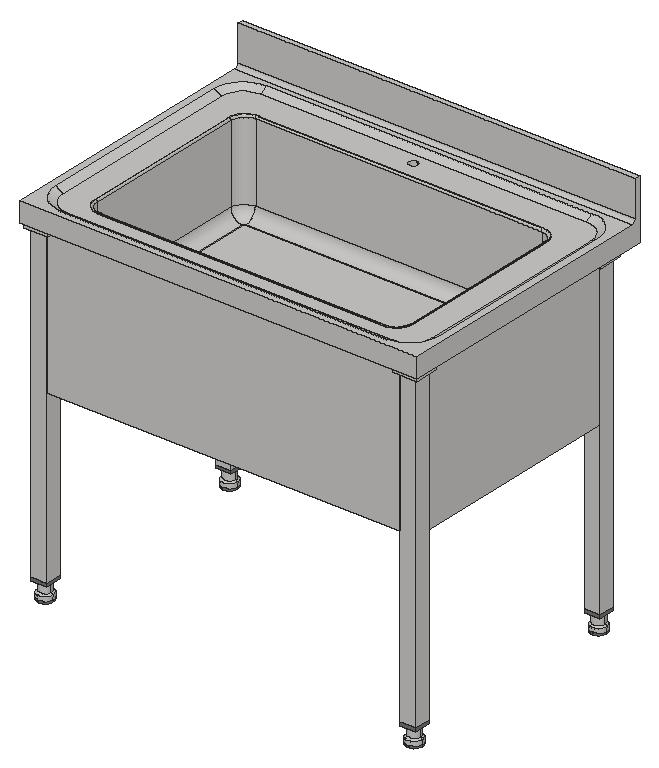
Revit family "QF_ZANUSSI_132908_SLP10N", category Attrezzature speciali, Revit 2020
Family settings
  Quota connettore circolare = Usa diametro
  Tipo di parte = Normale
  Basato su piano di lavoro = No
  Sempre verticale = Sì
  Taglio con vuoti quando caricato = No
  Condiviso = No
  Punto di calcolo locali = No
Parameters (values of type "Standard")
  Weight = 50.00 kg
  Watts = 0 W
  Volts = 0 V
  URL Manufacturer = "http://www.zanussiprofessional.com"
  URL = "http://www.zanussiprofessional.com"
  Steam Supply Size = 0 mm
  Steam Supply Minimum Pressure = 0.0 Pa
  Steam Supply Maximum Pressure = 0.0 Pa
  Steam Consumption per Hour = 0
  Refrigeration Suction Line Size = 0.0 mm
  Refrigeration Liquid Line Size = 0.0 mm
  Refrigerant Compressor Remote = yes
  Prospetto di default = 0.0 mm
  Phase = 0
  Modello = "SLP10N"
  Produttore = "Zanussi"
  Length Actual = 1000.0 mm  # constant formula
  Item Number = "132908"
  Hot Water Size = 0 mm
  Height Actual = 900.0 mm  # constant formula
  HP = "0 HP"
  Gas Size = 0 mm
  Gas KW = 0
  Gas Input Pressure = 0 W
  Direct Waste Size = 139.7 mm
  Descrizione = "SOAKING SINK UNIT WITH 1 BOWL (800X510X340MM), 1000MM"
  Depth Actual = 700.0 mm  # constant formula
  Cycle = 0 Hz
  Condensate Return Size = 0 mm
  Compressed Air Volume = 0.0 L/s
  Compressed Air Size = 0 mm
  Compressed Air Pressure = 0.0 Pa
  Cold Water Size = 0 mm
  Accessory = yes
Reference planes
  plane 1 "Center (Front/Back)": y = 0
  plane 2: z = 0
  plane 3 "Center (Left/Right)": x = 300
  plane 4 "LEFT": x = -200
  plane 5 "RIGHT": x = 800
  plane 6 "BACK": y = 350
  plane 7 "FRONT": y = -350
  plane 8 "Base": z = 850
  plane 9 "TOP": z = 900
  plane 10 "Sink_Base": z = 658
  plane 11 "ScaricoX": x = 620
  plane 12: z = 441
  plane 13: y = 245
  plane 14 "PlaneGrid": z = 890
  plane 15 "ScaricoY": y = 141
Forms (mm)
  Extrusion 1, solid, material "QF_Finishes_Stainless Steel"
    sketch origin (300, 0, 0) x (0, 1, 0) y (0, 0, 1)
      loop
        line (-350, 850) -> (350, 850) -> (350, 1000) -> (337, 1000) -> (337, 910)
        arc (337, 910) -> (334.071, 902.929) -> (327, 900) r 10
        line (327, 900) -> (-350, 900) -> (-350, 850)
    from 500 to -500
  Extrusion 2, void
    sketch origin (0, 9, 658) x (0, -1, 0) y (1, 0, 0)
      loop
        circle (-132, 620) r 28
    from 32.343 to -63.145
  Revolve 3, solid, material "QF_Finishes_White"
    sketch origin (620, 9, 0) x (0, -1, 0) y (0, 0, 1)
      loop
        line (-148.5, 642.617) -> (-148.5, 628.5) -> (-147, 628.5) -> (-147, 643.449) -> (-158.558, 650.671) -> (-158.558, 658) -> (-160.058, 658) -> (-160.058, 649.84) -> (-148.5, 642.617)
      axis (-132, 658) -> (-132, 628.5)
    angle from 0 to 360
  Extrusion 4, void
    sketch origin (-6.5, 18.8, 658) x (0, -1, 0) y (1, 0, 0)
      loop
        circle (-245, 306.5) r 11.5
    from 242 to 170.245
  Extrusion 5, void
    sketch origin (-5, 0, 900) x (0, 1, 0) y (-1, 0, 0)
      loop
        arc (180.949, -705) -> (209.233, -693.284) -> (220.949, -665) r 40
        line (220.949, -665) -> (220.949, 55)
        arc (220.949, 55) -> (209.233, 83.284) -> (180.949, 95) r 40
        line (180.949, 95) -> (-239.051, 95)
        arc (-239.051, 95) -> (-267.335, 83.284) -> (-279.051, 55) r 40
        line (-279.051, 55) -> (-279.051, -665)
        arc (-279.051, -665) -> (-267.335, -693.284) -> (-239.051, -705) r 40
        line (-239.051, -705) -> (180.949, -705)
    from 0 to -50
  Extrusion 6, solid, material "QF_Finishes_Stainless Steel"
    sketch origin (-5, 0, 658) x (0, -1, 0) y (1, 0, 0)
      loop
        line (-185.949, 664.939) -> (-185.949, -54.959)
        arc (-185.949, -54.959) -> (-184.484, -58.494) -> (-180.949, -59.959) r 5
        line (-180.949, -59.959) -> (238.949, -59.959)
        arc (238.949, -59.959) -> (242.484, -58.494) -> (243.949, -54.959) r 5
        line (243.949, -54.959) -> (243.949, 664.939)
        arc (243.949, 664.939) -> (242.484, 668.474) -> (238.949, 669.939) r 5
        line (238.949, 669.939) -> (-180.949, 669.939)
        arc (-180.949, 669.939) -> (-184.484, 668.474) -> (-185.949, 664.939) r 5
    from 0 to 1.5
  Sweep 7, solid, material "QF_Finishes_Stainless Steel"
    path origin (-4.99, 0, 900) x (0, 1, 0) y (-1, 0, 0)
      loop
        line (220.949, -664.99) -> (220.949, 55.01)
        arc (220.949, 55.01) -> (209.233, 83.294) -> (180.949, 95.01) r 40
        line (180.949, 95.01) -> (-239.051, 95.01)
        arc (-239.051, 95.01) -> (-267.335, 83.294) -> (-279.051, 55.01) r 40
        line (-279.051, 55.01) -> (-279.051, -664.99)
        arc (-279.051, -664.99) -> (-267.335, -693.274) -> (-239.051, -704.99) r 40
        line (-239.051, -704.99) -> (180.949, -704.99)
        arc (180.949, -704.99) -> (209.233, -693.274) -> (220.949, -664.99) r 40
    profile origin (300, 220.949, 900) x (0, -1, 0) y (0, 0, 1)
      loop
        arc (5, -15) -> (3.536, -11.464) -> (0, -10) r 5
        line (0, -10) -> (0, -11.5)
        arc (0, -11.5) -> (2.475, -12.525) -> (3.5, -15) r 3.5
        line (3.5, -15) -> (3.5, -210.5)
        arc (3.5, -210.5) -> (12.726, -232.774) -> (35, -242) r 31.5
        line (35, -242) -> (35, -240.5)
        arc (35, -240.5) -> (13.787, -231.713) -> (5, -210.5) r 30
        line (5, -210.5) -> (5, -15)
  Blend 8, void
    base sketch origin (-4.99, 0, 900) x (0, 1, 0) y (-1, 0, 0)
      loop
        arc (312.89, 105.01) -> (291.541, 156.551) -> (240, 177.9) r 72.89
        line (240, 177.9) -> (-260, 177.9)
        arc (-260, 177.9) -> (-311.541, 156.551) -> (-332.89, 105.01) r 72.89
        line (-332.89, 105.01) -> (-332.89, -714.99)
        arc (-332.89, -714.99) -> (-311.541, -766.531) -> (-260, -787.88) r 72.89
        line (-260, -787.88) -> (240, -787.88)
        arc (240, -787.88) -> (291.541, -766.531) -> (312.89, -714.99) r 72.89
        line (312.89, -714.99) -> (312.89, 105.01)
    top sketch origin (-4.99, 0, 900) x (0, 1, 0) y (-1, 0, 0)
      loop
        arc (294.457, 105.01) -> (278.507, 143.517) -> (240, 159.467) r 54.457
        line (240, 159.467) -> (-260, 159.467)
        arc (-260, 159.467) -> (-298.507, 143.517) -> (-314.457, 105.01) r 54.457
        line (-314.457, 105.01) -> (-314.457, -714.99)
        arc (-314.457, -714.99) -> (-298.507, -753.497) -> (-260, -769.447) r 54.457
        line (-260, -769.447) -> (240, -769.447)
        arc (240, -769.447) -> (278.507, -753.497) -> (294.457, -714.99) r 54.457
        line (294.457, -714.99) -> (294.457, 105.01)
    from 0 to -10
Cuts and joins
  Extrusion 4, Extrusion 5, Blend 8 cuts Extrusion 1
  Extrusion 2 cuts Extrusion 6
Lines and regions (mm)
  symbolic lines
    curve 1: line (800, 350, 900) -> (-200, 350, 900)
    curve 2: line (-200, 350, 900) -> (-200, -350, 900)
    curve 3: line (-200, -350, 900) -> (800, -350, 900)
    curve 4: line (800, -350, 900) -> (800, 350, 900)
    curve 5: line (800, 337, 900) -> (-200, 337, 900)
    curve 6: arc (-182.89, 240, 900) -> (-161.541, 291.541, 900) -> (-110, 312.89, 900) r 72.89
    curve 7: line (-110, 312.89, 900) -> (710, 312.89, 900)
    curve 8: line (-182.89, -260, 900) -> (-182.89, 240, 900)
    curve 9: arc (-110, -332.89, 900) -> (-161.541, -311.541, 900) -> (-182.89, -260, 900) r 72.89
    curve 10: line (710, -332.89, 900) -> (-110, -332.89, 900)
    curve 11: line (-110, -314.457, 900) -> (710, -314.457, 900)
    curve 12: arc (-164.457, -260, 900) -> (-148.507, -298.507, 900) -> (-110, -314.457, 900) r 54.457
    curve 13: line (-164.457, 240, 900) -> (-164.457, -260, 900)
    curve 14: arc (-110, 294.457, 900) -> (-148.507, 278.507, 900) -> (-164.457, 240, 900) r 54.457
    curve 15: line (710, 294.457, 900) -> (-110, 294.457, 900)
    curve 16: arc (764.457, 240, 900) -> (748.507, 278.507, 900) -> (710, 294.457, 900) r 54.457
    curve 17: arc (710, 312.89, 900) -> (761.541, 291.541, 900) -> (782.89, 240, 900) r 72.89
    curve 18: line (782.89, 240, 900) -> (782.89, -260, 900)
    curve 19: line (764.457, -260, 900) -> (764.457, 240, 900)
    curve 20: arc (782.89, -260, 900) -> (761.541, -311.541, 900) -> (710, -332.89, 900) r 72.89
    curve 21: arc (710, -314.457, 900) -> (748.507, -298.507, 900) -> (764.457, -260, 900) r 54.457
    curve 22: line (-64.959, 180.949, 900) -> (-64.959, -238.949, 900)
    curve 23: line (659.939, 185.949, 900) -> (-59.959, 185.949, 900)
    curve 24: line (-59.959, -243.949, 900) -> (659.939, -243.949, 900)
    curve 25: line (664.939, -238.949, 900) -> (664.939, 180.949, 900)
    curve 26: arc (-59.959, 185.949, 900) -> (-63.494, 184.484, 900) -> (-64.959, 180.949, 900) r 5
    curve 27: arc (664.939, 180.949, 900) -> (663.474, 184.484, 900) -> (659.939, 185.949, 900) r 5
    curve 28: arc (659.939, -243.949, 900) -> (663.474, -242.484, 900) -> (664.939, -238.949, 900) r 5
    curve 29: arc (-64.959, -238.949, 900) -> (-63.494, -242.484, 900) -> (-59.959, -243.949, 900) r 5
    curve 30: circle (300, 263.8, 900) r 11.5 normal (0, 0, 1)
    curve 31: circle (620, 141, 900) r 28 normal (0, 0, 1)
    curve 32: circle (620, 141, 900) r 16.5 normal (0, 0, -1)
    curve 33: arc (-60, 220.949, 900) -> (-88.284, 209.233, 900) -> (-100, 180.949, 900) r 40
    curve 34: line (660, 220.949, 900) -> (-60, 220.949, 900)
    curve 35: line (-100, 180.949, 900) -> (-100, -239.051, 900)
    curve 36: arc (-100, -239.051, 900) -> (-88.284, -267.335, 900) -> (-60, -279.051, 900) r 40
    curve 37: line (-60, -279.051, 900) -> (660, -279.051, 900)
    curve 38: arc (660, -279.051, 900) -> (688.284, -267.335, 900) -> (700, -239.051, 900) r 40
    curve 39: line (700, -239.051, 900) -> (700, 180.949, 900)
    curve 40: arc (700, 180.949, 900) -> (688.284, 209.233, 900) -> (660, 220.949, 900) r 40
Dimensions and locks
  plane 4 "LEFT" to plane 5 "RIGHT" = 1000.0 mm
  equal spacing: plane 4 "LEFT", plane 3 "Center (Left/Right)", plane 5 "RIGHT"
  locked: plane 8 "Base" to level at 850
  locked: Extrusion 1 to level at 1000
  plane 9 "TOP" to level = 900.0 mm
  plane 6 "BACK" to plane 7 "FRONT" = 700.0 mm
  equal spacing: plane 6 "BACK", plane 1 "Center (Front/Back)", plane 7 "FRONT"
  plane 10 "Sink_Base" to level = 658.0 mm
  plane 12 to level = 441.0 mm
  locked: plane 11 "ScaricoX" to plane 5 "RIGHT" at 180
  locked: plane 6 "BACK" to plane 15 "ScaricoY" at 209
  aligned and locked: level to plane 2
  aligned and locked: Extrusion 1 to plane 4 "LEFT"
  aligned and locked: plane 5 "RIGHT" to Extrusion 1
  aligned and locked: curve 2 to plane 4 "LEFT"
Automatic sketch dimensions
  Extrusion 1 sketch curve to plane 7 "FRONT" = 0.0 mm
  Extrusion 1 sketch curve to plane 9 "TOP" = 0.0 mm
  Extrusion 1 sketch curve to plane 6 "BACK" = 0.0 mm
  Extrusion 1 sketch curve to plane 8 "Base" = 0.0 mm
  plane 9 "TOP" to Extrusion 1 sketch curve = 10.0 mm
  Extrusion 1 sketch curve to plane 6 "BACK" = 23.0 mm
  Extrusion 1 sketch curve to Extrusion 1 sketch curve = 90.0 mm
  Extrusion 2 sketch curve to plane 11 "ScaricoX" = 0.0 mm
  Extrusion 2 sketch curve to plane 15 "ScaricoY" = 0.0 mm
  plane 10 "Sink_Base" to Revolve 3 sketch curve = 0.0 mm
  Revolve 3 sketch curve to plane 15 "ScaricoY" = 0.0 mm
  plane 15 "ScaricoY" to Revolve 3 sketch curve = 15.0 mm
  Revolve 3 sketch curve to Revolve 3 sketch curve = 1.5 mm  (x2)
  plane 10 "Sink_Base" to Revolve 3 sketch curve = 7.329 mm
  Revolve 3 sketch curve to Revolve 3 sketch curve = 10.058 mm
  Revolve 3 sketch curve to Revolve 3 sketch curve = 0.831 mm  (x2)
  Revolve 3 sketch curve to Revolve 3 sketch curve = 7.222 mm
  Revolve 3 sketch curve to Revolve 3 sketch curve = 14.117 mm
  Revolve 3 sketch curve to Revolve 3 sketch curve = 24.0 mm
  Revolve 3 sketch curve to plane 10 "Sink_Base" = 26.5 mm
  Extrusion 4 sketch curve to plane 3 "Center (Left/Right)" = 0.0 mm
  plane 13 to Extrusion 4 sketch curve = 18.8 mm
  Sweep 7 sketch curve to Sweep 7 sketch curve = 0.0 mm  (x4)
  Sweep 7 sketch curve to profile plane = 0.0 mm
  Sweep 7 sketch curve to profile plane = 3.5 mm
  Sweep 7 sketch curve to Sweep 7 sketch curve = 1.5 mm
  Sweep 7 sketch curve to Sweep 7 sketch curve = 30.0 mm
  Sweep 7 sketch curve to profile plane = 242.0 mm
  Sweep 7 sketch curve to profile plane = 15.0 mm
  plane 15 "ScaricoY" to Extrusion 6 sketch curve = 44.949 mm
  Extrusion 6 sketch curve to Extrusion 6 sketch curve = 5.0 mm  (x4)
  plane 7 "FRONT" to Extrusion 6 sketch curve = 111.051 mm
  plane 4 "LEFT" to Extrusion 6 sketch curve = 135.041 mm
  Extrusion 6 sketch curve to plane 5 "RIGHT" = 140.061 mm
  Blend 8 sketch curve to plane 13 = 5.0 mm  (x4)
  Blend 8 sketch curve to plane 6 "BACK" = 37.11 mm
  plane 4 "LEFT" to Blend 8 sketch curve = 90.0 mm  (x2)
  plane 7 "FRONT" to Blend 8 sketch curve = 90.0 mm  (x2)
  Blend 8 sketch curve to Blend 8 sketch curve = 72.89 mm  (x2)
  Blend 8 sketch curve to plane 5 "RIGHT" = 90.0 mm  (x2)
  plane 13 to Blend 8 sketch curve = 49.457 mm
  Blend 8 sketch curve to Blend 8 sketch curve = 54.457 mm  (x2)
  curve 6 to curve 14 = 0.0 mm  (x2)
  curve 9 to curve 12 = 0.0 mm  (x2)
  curve 16 to curve 17 = 0.0 mm  (x2)
  curve 20 to curve 21 = 0.0 mm
  curve 3 to plane 5 "RIGHT" = 0.0 mm
  curve 3 to plane 7 "FRONT" = 0.0 mm
  curve 30 to plane 3 "Center (Left/Right)" = 0.0 mm
  curve 2 to plane 6 "BACK" = 0.0 mm
  plane 7 "FRONT" to curve 10 = 17.11 mm
  curve 10 to curve 11 = 18.433 mm
  plane 4 "LEFT" to curve 13 = 35.543 mm
  curve 12 to curve 13 = 54.457 mm
  curve 18 to plane 5 "RIGHT" = 17.11 mm
  curve 24 to curve 22 = 5.0 mm
  curve 27 to curve 23 = 5.0 mm
  curve 17 to plane 13 = 5.0 mm
  curve 14 to plane 13 = 5.0 mm
  plane 13 to curve 30 = 18.8 mm
  plane 13 to curve 15 = 49.457 mm
  curve 5 to plane 6 "BACK" = 13.0 mm
  plane 7 "FRONT" to Sweep 7 sketch curve = 110.949 mm
  Sweep 7 sketch curve to Sweep 7 sketch curve = 40.0 mm
  plane 15 "ScaricoY" to Sweep 7 sketch curve = 39.949 mm  (x2)
  Sweep 7 sketch curve to plane 13 = 24.051 mm
  Sweep 7 sketch curve to plane 11 "ScaricoX" = 40.0 mm  (x2)
  plane 4 "LEFT" to Sweep 7 sketch curve = 140.0 mm
  plane 7 "FRONT" to Extrusion 5 sketch curve = 70.949 mm
  Extrusion 5 sketch curve to Extrusion 5 sketch curve = 40.0 mm  (x2)
  plane 15 "ScaricoY" to Extrusion 5 sketch curve = 39.949 mm  (x2)
  Extrusion 5 sketch curve to plane 13 = 24.051 mm
  Extrusion 5 sketch curve to plane 11 "ScaricoX" = 40.0 mm
  plane 4 "LEFT" to Extrusion 5 sketch curve = 140.0 mm
  curve 31 to curve 32 = 0.0 mm  (x2)
  curve 32 to plane 11 "ScaricoX" = 0.0 mm
  curve 32 to plane 15 "ScaricoY" = 0.0 mm
  curve 26 to curve 26 = 5.0 mm
  curve 24 to curve 25 = 5.0 mm
  plane 15 "ScaricoY" to curve 27 = 39.949 mm
  curve 25 to plane 11 "ScaricoX" = 44.939 mm
  curve 20 to curve 24 = 16.051 mm
  curve 26 to curve 6 = 50.041 mm
  curve 33 to curve 26 = 0.0 mm
  curve 34 to plane 13 = 24.051 mm
  curve 23 to curve 34 = 0.041 mm
  curve 34 to curve 23 = 0.061 mm
  curve 9 to curve 35 = 20.949 mm
  curve 29 to curve 36 = 0.041 mm
  curve 37 to curve 28 = 0.061 mm
  curve 38 to curve 28 = 0.102 mm
  curve 25 to curve 39 = 0.0 mm
  radius of Extrusion 2 sketch curve = 28.0 mm
  radius of Extrusion 4 sketch curve = 11.5 mm
  radius of curve 30 = 11.5 mm
  radius of curve 31 = 28.0 mm
  radius of curve 32 = 16.5 mm
Nested families
  nested 1: "TAV_W1000_CASSH" at (150, 0, 0), type "TAV_W1000_CASSH"
Connectors
  piping at (620, 141, 628.5), diameter 30
    settings: on Revolve 3, index 1, connector inside diameter 609.6 mm, connector length 0.0 mm, flow factor 0, pipe flow 0.0 L/s, pressure drop 0.0 Pa, fitting loss kfactor 0, connector angle 0.00°, fixture units 0, engagement length 0.0 mm, angle of deflection 0.00°, flow configuration 1, flow direction 2, fitting loss method 0, system type 16, joint type 0, gender type 0, connector reference index -1, connector utility 0, adjustable connector no, is connector primary yes, connector description "Drain 2"
Definition of nested family "TAV_W1000_CASSH"
  Parameters
    Default Elevation = 0.0 mm
    Model = "TAV_W1000_CASSH"
    Manufacturer = "Electrolux Professional"
    Description = ""
  Reference planes
    plane 1 "Center (Front/Back)": y = 0
    plane 2: z = 0
    plane 3 "Center (Left/Right)": x = 150
    plane 4 "LEFT": x = -350
    plane 5 "RIGHT": x = 650
    plane 6 "BACK": y = 350
    plane 7 "FRONT": y = -350
    plane 8 "Base": z = 850
    plane 9 "TOP": z = 900
    plane 10: x = -314.5
    plane 11: x = 614.5
    plane 12: y = 265.5
    plane 13: y = -314.5
    plane 14: x = -294.5
    plane 15: x = 594.5
    plane 16 "RIPIANO": z = 200
  Forms (mm)
    Extrusion 1, solid
      sketch origin (0, 0.5, 850) x (0, 1, 0) y (-1, 0, 0)
        loop
          line (245, 334.5) -> (-295, 334.5) -> (-295, 333) -> (245, 333) -> (245, 334.5)
        loop
          line (-295, -634.5) -> (285, -634.5) -> (285, -633) -> (-295, -633) -> (-295, -634.5)
        loop
          line (-335, 294.5) -> (-335, -594.5) -> (-333.5, -594.5) -> (-333.5, 294.5) -> (-335, 294.5)
      from -10 to -370
    Extrusion 2, solid
      sketch origin (-4.534, 0, 850) x (0, 1, 0) y (-1, 0, 0)
        loop
          line (235.5, 329.966) -> (-284.5, 329.966) -> (-284.5, 289.966) -> (235.5, 289.966) -> (235.5, 329.966)
        loop
          line (-334.506, 279.966) -> (-334.506, -589.034) -> (-294.506, -589.034) -> (-294.506, 279.966) -> (-334.506, 279.966)
        loop
          line (-284.5, -639.034) -> (235.5, -639.034) -> (235.5, -599.034) -> (-284.5, -599.034) -> (-284.5, -639.034)
        loop
          line (285.5, 279.966) -> (245.5, 279.966) -> (245.5, -589.034) -> (285.5, -589.034) -> (285.5, 279.966)
      from 0 to -10
  Lines and regions (mm)
    symbolic lines, detail levels coarse
      curve 1: line (-350, 350, 200) -> (650, 350, 200)
      curve 2: line (-350, -350, 200) -> (-350, 350, 200)
      curve 3: line (650, -350, 200) -> (-350, -350, 200)
      curve 4: line (650, 350, 200) -> (650, -350, 200)
  Dimensions and locks
    plane 4 "LEFT" to plane 5 "RIGHT" = 1000.0 mm
    equal spacing: plane 4 "LEFT", plane 3 "Center (Left/Right)", plane 5 "RIGHT"
    locked: plane 8 "Base" to level at 850
    plane 4 "LEFT" to plane 10 = 35.5 mm
    plane 11 to plane 5 "RIGHT" = 35.5 mm
    plane 10 to plane 11 = 929.0 mm
    plane 9 "TOP" to level = 900.0 mm
    plane 6 "BACK" to plane 12 = 84.5 mm
    plane 13 to plane 7 "FRONT" = 35.5 mm
    plane 6 "BACK" to plane 7 "FRONT" = 700.0 mm
    plane 12 to plane 13 = 580.0 mm
    equal spacing: plane 6 "BACK", plane 1 "Center (Front/Back)", plane 7 "FRONT"
    locked: plane 14 to plane 4 "LEFT" at 55.5
    locked: plane 5 "RIGHT" to plane 15 at 55.5
    plane 16 "RIPIANO" to level = 200.0 mm
    plane 2 to plane 16 "RIPIANO" to plane 8 "Base" = 200.0 mm, 650.0 mm
    aligned and locked: level to plane 2
    aligned and locked: plane 10 to nested 1
    aligned and locked: nested 1 to plane 13
    aligned and locked: plane 11 to nested 2
    aligned and locked: nested 2 to plane 13
    aligned and locked: plane 11 to nested 4
    aligned and locked: nested 4 to plane 12
    aligned and locked: plane 10 to nested 3
    aligned and locked: nested 3 to plane 12
    aligned and locked: plane 14 to Extrusion 1 sketch curve
    aligned and locked: Extrusion 1 sketch curve to plane 15
    aligned and locked: Extrusion 1 to Extrusion 2
  Automatic sketch dimensions
    plane 7 "FRONT" to Extrusion 1 sketch curve = 15.5 mm
    plane 13 to Extrusion 1 sketch curve = 20.0 mm  (x2)
    plane 4 "LEFT" to Extrusion 1 sketch curve = 15.5 mm
    Extrusion 1 sketch curve to plane 5 "RIGHT" = 15.5 mm
    Extrusion 1 sketch curve to Extrusion 1 sketch curve = 1.5 mm  (x3)
    Extrusion 1 sketch curve to plane 6 "BACK" = 104.5 mm
    Extrusion 1 sketch curve to plane 6 "BACK" = 64.5 mm
    plane 15 to Extrusion 2 sketch curve = 10.0 mm  (x2)
    plane 7 "FRONT" to Extrusion 2 sketch curve = 15.494 mm
    plane 13 to Extrusion 2 sketch curve = 19.994 mm
    Extrusion 2 sketch curve to plane 5 "RIGHT" = 15.5 mm
    plane 13 to Extrusion 2 sketch curve = 30.0 mm  (x2)
    Extrusion 2 sketch curve to plane 14 = 0.0 mm
    Extrusion 2 sketch curve to plane 12 = 30.0 mm  (x2)
    Extrusion 2 sketch curve to plane 12 = 20.0 mm
    plane 12 to Extrusion 2 sketch curve = 20.0 mm
    Extrusion 2 sketch curve to plane 15 = 0.0 mm
    Extrusion 2 sketch curve to plane 14 = 10.0 mm  (x2)
    Extrusion 2 sketch curve to plane 10 = 20.0 mm
    curve 3 to plane 4 "LEFT" = 0.0 mm
    curve 3 to plane 7 "FRONT" = 0.0 mm
    curve 2 to plane 6 "BACK" = 0.0 mm
    curve 1 to plane 5 "RIGHT" = 0.0 mm
  Nested families
    nested 1: "FEET_40x40_TAV" at (-314.5, -314.5, 0), type "FEET_40x40_TAV"
    nested 2: "FEET_40x40_TAV" at (614.5, -314.5, 0), type "FEET_40x40_TAV"
    nested 3: "FEET_40x40_TAV" at (-314.5, 265.5, 0), type "FEET_40x40_TAV"
    nested 4: "FEET_40x40_TAV" at (614.5, 265.5, 0), type "FEET_40x40_TAV"
  Definition of nested family "FEET_40x40_TAV"
    Parameters
      Default Elevation = 0.0 mm
      FEET = 850.0 mm
    Reference planes
      plane 1 "Center (Front/Back)": y = 0
      plane 2: z = 0
      plane 3 "Center (Left/Right)": x = 0
      plane 4: z = 850
    Forms (mm)
      Extrusion 1, solid
        sketch origin (0, 0, 0) x (1, 0, 0) y (0, 1, 0)
          loop
            line (-20, -20) -> (20, -20) -> (20, 20) -> (-20, 20) -> (-20, -20)
        from 50 to 840
      Extrusion 2, solid
        sketch origin (0, 0, 0) x (1, 0, 0) y (0, 1, 0)
          loop
            circle (0, 0) r 20
        from 0 to 5
      Extrusion 3, solid
        sketch origin (0, 0, 0) x (1, 0, 0) y (0, 1, 0)
          loop
            line (30, 30) -> (-30, 30) -> (-30, -30) -> (30, -30) -> (30, 30)
        from 840 to 850
      Extrusion 4, solid
        sketch origin (0, 0, 0) x (1, 0, 0) y (0, 1, 0)
          loop
            line (-20, -20) -> (20, -20) -> (20, 20) -> (-20, 20) -> (-20, -20)
        from 50 to 42
      Revolve 5, solid
        sketch origin (0, 0, 0) x (1, 0, 0) y (0, 0, 1)
          loop
            line (0, 42) -> (-15, 42) -> (-15, 20) -> (-20, 15) -> (-20, 5) -> (0, 5) -> (0, 42)
          axis (0, 42) -> (0, 5)
        angle from 0 to 360
    Lines and regions (mm)
      symbolic lines
        curve 1: line (0, -1.503, 0) -> (0, 1.508, 0)
        curve 2: line (1.561, 0, 0) -> (-1.439, 0, 0)
    Dimensions and locks
      "FEET": plane 4 to plane 2
      aligned and locked: level to plane 2
    Automatic sketch dimensions
      plane 1 "Center (Front/Back)" to curve 2 = 0.0 mm
      curve 1 to plane 3 "Center (Left/Right)" = 0.0 mm
      curve 2 to plane 3 "Center (Left/Right)" = 1.439 mm
      plane 3 "Center (Left/Right)" to curve 2 = 1.561 mm
      plane 1 "Center (Front/Back)" to curve 1 = 1.503 mm
      curve 1 to plane 1 "Center (Front/Back)" = 1.508 mm
      Extrusion 1 sketch curve to plane 3 "Center (Left/Right)" = 20.0 mm
      plane 3 "Center (Left/Right)" to Extrusion 1 sketch curve = 20.0 mm
      plane 1 "Center (Front/Back)" to Extrusion 1 sketch curve = 20.0 mm
      Extrusion 1 sketch curve to plane 1 "Center (Front/Back)" = 20.0 mm
      plane 1 "Center (Front/Back)" to Extrusion 2 sketch curve = 0.0 mm
      Extrusion 2 sketch curve to plane 3 "Center (Left/Right)" = 0.0 mm
      Extrusion 3 sketch curve to plane 3 "Center (Left/Right)" = 30.0 mm
      plane 3 "Center (Left/Right)" to Extrusion 3 sketch curve = 30.0 mm
      plane 1 "Center (Front/Back)" to Extrusion 3 sketch curve = 30.0 mm
      Extrusion 3 sketch curve to plane 1 "Center (Front/Back)" = 30.0 mm
      Extrusion 4 sketch curve to plane 3 "Center (Left/Right)" = 20.0 mm
      plane 3 "Center (Left/Right)" to Extrusion 4 sketch curve = 20.0 mm
      plane 1 "Center (Front/Back)" to Extrusion 4 sketch curve = 20.0 mm
      Extrusion 4 sketch curve to plane 1 "Center (Front/Back)" = 20.0 mm
      Revolve 5 sketch curve to plane 3 "Center (Left/Right)" = 0.0 mm  (x2)
      Revolve 5 sketch curve to plane 3 "Center (Left/Right)" = 15.0 mm
      Revolve 5 sketch curve to Revolve 5 sketch curve = 5.0 mm  (x3)
      level to Revolve 5 sketch curve = 5.0 mm
      Revolve 5 sketch curve to Revolve 5 sketch curve = 10.0 mm
      Revolve 5 sketch curve to Revolve 5 sketch curve = 22.0 mm
      Revolve 5 sketch curve to level = 9.561 mm
      radius of Extrusion 2 sketch curve = 20.0 mm
